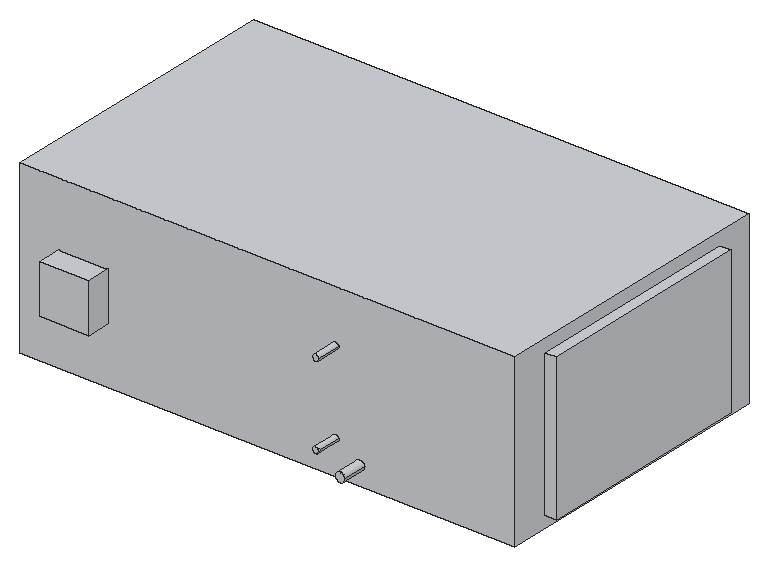
Revit family "38b39e49358947ec8aa88fa26be5f62c", category Mechanical Equipment, Revit 2021
Family settings
  Round Connector Dimension = Use Radius
  Part Type = Normal
  OmniClass Number = 23.75.35.14.17
  OmniClass Title = Modular Indoor Air Handling Units
  Seek Item ID = Indoor AHU - Horizontal - Chilled Water Coil-0000-USA-ENU
  Work Plane-Based = No
  Always vertical = Yes
  Cut with Voids When Loaded = No
  Shared = No
  Room Calculation Point = No
Parameters (values of type "Unit Size 12")
  Water Pressure [instance] = 0.26 psi
  Water Flow [instance] = 1 GPM
  Voltage = 208 V
  Unit Width = 2' - 0"
  Unit Length = 3' - 4 3/4"
  Unit Height = 1' - 2"
  Supply Duct Width = 8"
  Supply Duct Height = 10"
  Return Duct Width = 18"
  Return Duct Height = 12"
  Outlet Radius = 1/4"
  Outlet Diameter = Outlet Radius * 2  # 1/2"
  Number of Poles = 3
  Load Classification = Cooling
  Inlet Radius = 1/4"
  Inlet Diameter = Inlet Radius * 2  # 1/2"
  Drain Flow [instance] = 0 GPM
  Distance = 0' - 6 205/256"
  Default Elevation = 0' - 0"
  C3 Offset 1 = 0' - 2 105/128"
  Apparent Load = 627 VA
  External Static Pressure [instance] = 1.25 in-wg
  Air Flow [instance] = 400 CFM
Types (8): name | Water Pressure | Water Flow | Unit Width | Unit Length | Unit Height | Supply Duct Width | Supply Duct Height | Return Duct Width | Return Duct Height | Outlet Radius | Outlet Diameter | Inlet Radius | Inlet Diameter | Distance | C3 Offset 1 | Apparent Load | Air Flow
  (no name) | 0.26 psi | 1 GPM | 2' - 0" | 3' - 4 3/4" | 1' - 2" | 8" | 10" | 18" | 12" | 1/4" | 1/2" | 1/4" | 1/2" | 0' - 6 205/256" | 0' - 2 105/128" | 627 VA | 400 CFM
  Unit Size 12 | 0.26 psi | 1 GPM | 2' - 0" | 3' - 4 3/4" | 1' - 2" | 8" | 10" | 18" | 12" | 1/4" | 1/2" | 1/4" | 1/2" | 0' - 6 205/256" | 0' - 2 105/128" | 627 VA | 400 CFM
  Unit Size 18 | 0.78 psi | 2 GPM | 2' - 4" | 3' - 4 3/4" | 1' - 2" | 8" | 10" | 22" | 12" | 1/4" | 1/2" | 1/4" | 1/2" | 0' - 6 205/256" | 0' - 2 105/128" | 627 VA | 600 CFM
  Unit Size 24 | 0.84 psi | 3 GPM | 2' - 4" | 3' - 10" | 1' - 6" | 12" | 13" | 22" | 16" | 1/4" | 1/2" | 1/4" | 1/2" | 0' - 9" | 0' - 3 37/64" | 627 VA | 800 CFM
  Unit Size 36 | 3.83 psi | 5 GPM | 3' - 4" | 3' - 10" | 1' - 6" | 12" | 13" | 34" | 16" | 1/4" | 1/2" | 1/4" | 1/2" | 0' - 9" | 0' - 3 37/64" | 940 VA | 1200 CFM
  Unit Size 54 | 0.47 psi | 5 GPM | 3' - 4" | 4' - 1" | 1' - 10" | 12" | 13" | 34" | 20" | 1/4" | 1/2" | 1/4" | 1/2" | 0' - 10 55/128" | 0' - 4 27/128" | 1254 VA | 1800 CFM
  Unit Size 72 | 1.19 psi | 8 GPM | 4' - 0" | 4' - 1" | 1' - 10" | 12" | 13" | 40" | 20" | 1/4" | 1/2" | 1/4" | 1/2" | 0' - 10 55/128" | 0' - 4 207/256" | 1880 VA | 2400 CFM
  Unit Size 90 | 1.66 psi | 11 GPM | 4' - 0" | 4' - 4" | 2' - 4" | 12" | 13" | 40" | 26" | 3/8" | 3/4" | 3/8" | 3/4" | 1' - 3 39/64" | 0' - 4 207/256" | 1880 VA | 3000 CFM
Reference planes (in)
  plane 1 "Center (Front/Back)": y = 0
  plane 2: z = 0
  plane 3 "Center (Left/Right)": x = 0
  plane 4: x = 40.75
  plane 5: y = 24
  plane 6: z = 14
  plane 7: x = 25.96
  plane 8: x = 27.96
  plane 9: x = 41.75
  plane 10: x = -1
  plane 11: z = 7
  plane 12: z = 13
  plane 13: z = 1
  plane 14: z = 12
  plane 15: z = 2
  plane 16: z = 1.5
  plane 17: z = 2.82031
  plane 18: z = 9.62109
  plane 19: y = -2
  plane 20: x = 5.2
  plane 21: z = 6.68
  plane 22: x = 7.2
  plane 23: x = 3.2
  plane 24: z = 4.68
  plane 25: z = 8.68
  plane 26: y = 12
  plane 27: y = 21
  plane 28: y = 3
  plane 29: y = 8
  plane 30: y = 16
Forms (in)
  Extrusion 1, solid
    sketch origin (0, 0, 0) x (1, 0, 0) y (0, 1, 0)
      loop
        line (0, 24) -> (0, 0) -> (40.75, 0) -> (40.75, 24) -> (0, 24)
    from 0 to 14
  Extrusion 2, solid
    sketch origin (0, 0, 0) x (1, 0, 0) y (0, 0, 1)
      loop
        circle (27.96, 1.5) r 0.375
    from 0 to 2
  Extrusion 3, solid
    sketch origin (0, 0, 0) x (1, 0, 0) y (0, 0, 1)
      loop
        circle (25.96, 2.82031) r 0.25
    from 0 to 2
  Extrusion 4, solid
    sketch origin (0, 0, 0) x (1, 0, 0) y (0, 0, 1)
      loop
        circle (25.96, 9.62109) r 0.25
    from 0 to 2
  Extrusion 5, solid
    sketch origin (0, 0, 0) x (1, 0, 0) y (0, 0, 1)
      loop
        line (3.2, 8.68) -> (3.2, 4.68) -> (7.2, 4.68) -> (7.2, 8.68) -> (3.2, 8.68)
    from 0 to 2
  Extrusion 6, solid
    sketch origin (0, 0, 0) x (0, 1, 0) y (0, 0, 1)
      loop
        line (3, 13) -> (3, 1) -> (21, 1) -> (21, 13) -> (3, 13)
    from 40.75 to 41.75
  Extrusion 7, solid
    sketch origin (0, 0, 0) x (0, 1, 0) y (0, 0, 1)
      loop
        line (16, 12) -> (8, 12) -> (8, 2) -> (16, 2) -> (16, 12)
    from 0 to -1
Dimensions and locks (in)
  "Unit Length": plane 3 "Center (Left/Right)" to plane 4
  "Unit Width": plane 1 "Center (Front/Back)" to plane 5
  "Unit Height": plane 6 to plane 2
  locked: plane 4 to plane 7 at 14.79
  locked: plane 4 to plane 8 at 12.79
  locked: plane 9 to plane 4 at 1
  locked: plane 3 "Center (Left/Right)" to plane 10 at 1
  equal spacing: plane 6, plane 11, plane 2
  equal spacing: plane 12, plane 11, plane 13
  "Return Duct Height": plane 12 to plane 13
  equal spacing: plane 14, plane 11, plane 15
  "Supply Duct Height": plane 14 to plane 15
  locked: plane 16 to plane 2 at 1.5
  "C3 Offset 1": plane 17 to plane 2
  "Distance": plane 18 to plane 17
  locked: plane 19 to plane 1 "Center (Front/Back)" at 2
  locked: plane 20 to plane 3 "Center (Left/Right)" at 5.2
  locked: plane 21 to plane 2 at 6.68
  equal spacing: plane 23, plane 20, plane 22
  locked: plane 23 to plane 22 at 4
  equal spacing: plane 25, plane 21, plane 24
  locked: plane 25 to plane 24 at 4
  equal spacing: plane 1 "Center (Front/Back)", plane 26, plane 5
  equal spacing: plane 28, plane 26, plane 27
  "Return Duct Width": plane 28 to plane 27
  equal spacing: plane 30, plane 26, plane 29
  "Supply Duct Width": plane 30 to plane 29
  radius of Extrusion 2 sketch curve = 0' - 0 3/8"
  "Outlet Radius": radius of Extrusion 3 sketch curve
  "Inlet Radius": radius of Extrusion 4 sketch curve
  aligned and locked: plane 3 "Center (Left/Right)" to Extrusion 1 sketch curve
  aligned and locked: plane 5 to Extrusion 1 sketch curve
  aligned and locked: plane 1 "Center (Front/Back)" to Extrusion 1 sketch curve
  aligned and locked: Extrusion 1 sketch curve to plane 4
  aligned and locked: Extrusion 1 to plane 2
  aligned and locked: plane 6 to Extrusion 1
  aligned and locked: plane 16 to Extrusion 2 sketch curve
  aligned and locked: plane 8 to Extrusion 2 sketch curve
  aligned and locked: plane 17 to Extrusion 3 sketch curve
  aligned and locked: plane 7 to Extrusion 3 sketch curve
  aligned and locked: plane 18 to Extrusion 4 sketch curve
  aligned and locked: plane 7 to Extrusion 4 sketch curve
  aligned and locked: Extrusion 4 to plane 1 "Center (Front/Back)"
  aligned and locked: Extrusion 2 to plane 1 "Center (Front/Back)"
  aligned and locked: plane 19 to Extrusion 2
  aligned and locked: plane 19 to Extrusion 4
  aligned and locked: plane 19 to Extrusion 3
  aligned and locked: plane 1 "Center (Front/Back)" to Extrusion 3
  aligned and locked: plane 23 to Extrusion 5 sketch curve
  aligned and locked: plane 25 to Extrusion 5 sketch curve
  aligned and locked: plane 24 to Extrusion 5 sketch curve
  aligned and locked: Extrusion 5 sketch curve to plane 22
  aligned and locked: Extrusion 5 to plane 1 "Center (Front/Back)"
  aligned and locked: plane 19 to Extrusion 5
  aligned and locked: Extrusion 6 sketch curve to plane 12
  aligned and locked: Extrusion 6 sketch curve to plane 13
  aligned and locked: plane 27 to Extrusion 6 sketch curve
  aligned and locked: plane 28 to Extrusion 6 sketch curve
  aligned and locked: Extrusion 6 to plane 4
  aligned and locked: plane 9 to Extrusion 6
  aligned and locked: plane 30 to Extrusion 7 sketch curve
  aligned and locked: plane 14 to Extrusion 7 sketch curve
  aligned and locked: plane 29 to Extrusion 7 sketch curve
  aligned and locked: Extrusion 7 sketch curve to plane 15
  aligned and locked: plane 3 "Center (Left/Right)" to Extrusion 7
  aligned and locked: Extrusion 7 to plane 10
Connectors (in)
  hvac at (-1, 12, 7), driven by "Air Flow", driven by "Supply Duct Height", driven by "Supply Duct Width"
    settings: on Extrusion 7, index 1, duct flow 400 CFM, flow factor 0, pres drop 0.00 in-wg, loss coef 0, conn angle 0.00°, conn width 8", conn height 10", conn diameter 24", duct sys type 1, conn prof type 1, flow config 0, flow direction 2, loss method 0, conn ref index 2, conn util no, is conn primary yes, conn desc ""
  hvac at (41.75, 12, 7), driven by "Air Flow", driven by "Return Duct Height", driven by "Return Duct Width"
    settings: on Extrusion 6, index 2, duct flow 400 CFM, flow factor 0, pres drop 0.00 in-wg, loss coef 0, conn angle 0.00°, conn width 18", conn height 12", conn diameter 24", duct sys type 2, conn prof type 1, flow config 0, flow direction 1, loss method 0, conn ref index 1, conn util no, is conn primary no, conn desc ""
  piping at (25.96, -2, 2.82031), diameter 0.5, driven by "Water Flow", driven by "Water Pressure", driven by "Outlet Radius"
    settings: on Extrusion 3, index 3, connector inside diameter 1/2", connector length 0' - 0", flow factor 0, pipe flow 1 GPM, pressure drop 0.26 psi, fitting loss kfactor 0, connector angle 0.00°, fixture units 0, engagement length 0' - 0", angle of deflection 0.00°, flow configuration 1, flow direction 2, fitting loss method 4, system type 8, joint type 0, gender type 0, connector reference index 4, connector utility 0, adjustable connector no, is connector primary yes, connector description ""
  piping at (25.96, -2, 9.62109), diameter 0.5, driven by "Water Flow", driven by "Inlet Radius"
    settings: on Extrusion 4, index 4, connector inside diameter 1/2", connector length 0' - 0", flow factor 0, pipe flow 1 GPM, pressure drop 0.00 psi, fitting loss kfactor 0, connector angle 0.00°, fixture units 0, engagement length 0' - 0", angle of deflection 0.00°, flow configuration 1, flow direction 1, fitting loss method 4, system type 7, joint type 0, gender type 0, connector reference index 3, connector utility 0, adjustable connector no, is connector primary no, connector description ""
  piping at (27.96, -2, 1.5), diameter 0.75, driven by "Drain Flow"
    settings: on Extrusion 2, index 5, connector inside diameter 3/4", connector length 0' - 0", flow factor 0, pipe flow 0 GPM, pressure drop 0.00 psi, fitting loss kfactor 0, connector angle 0.00°, fixture units 0, engagement length 0' - 0", angle of deflection 0.00°, flow configuration 1, flow direction 2, fitting loss method 0, system type 16, joint type 0, gender type 0, connector reference index -1, connector utility 0, adjustable connector yes, is connector primary no, connector description ""
  electrical at (5.2, -2, 6.68), driven by "Apparent Load", driven by "Voltage", driven by "Number of Poles", driven by "Load Classification"
    settings: on Extrusion 5, index 6, voltage 208 V, apparent load 627 VA, apparent load phase1 0 VA, apparent load phase2 0 VA, apparent load phase3 0 VA, power factor 0.8, load classification "Cooling", number of poles 3, system type 30, power factor state 1, is connector primary yes, connector utility no, sub classification motor no, connector description ""
